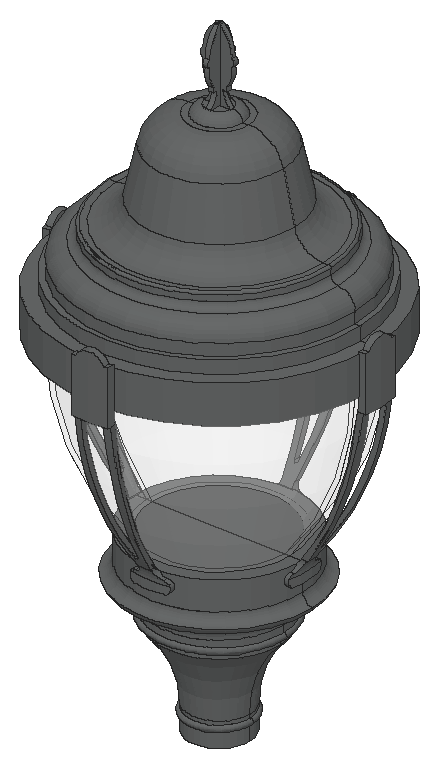
Revit family "Mediterranean", category Lighting Fixtures, host Face, Revit 2012
Parameters (values of type "Basic Black Textured")
  Voltage = 120 V
  URL = "http://www.beaconproducts.com/"
  Total Input Wattage = "55,80 & 110 Watts"  # constant formula
  Product Page URL = "http://www.beaconproducts.com/products/mediterranean"
  Product Documentation Link = "http://www.beaconproducts.com/content/products/specs/specs_files/Mediterranean_LED_spec_sheet.pdf"
  Photometrics Web [instance] = Web : T1-PC-C1-H1-24NB-55-DIR5
  Model = "Mediterranean"  # constant formula
  Manufacturer Phone = "800-345-4928"  # constant formula
  Manufacturer Fax = "941-751-5535"  # constant formula
  Manufacturer = "Beacon Lighting"  # constant formula
  Lamp = "LED Array"  # constant formula
  Glass = Hubbell - Glass
  Product Material = Paint - Hubbell - Basic Black Textured
  Description = "Village Collection"  # constant formula
  Default Elevation = 48.00"
  Apparent Load = 0 VA
Types (12): name | Photometrics Web | Product Material
  Basic Black Textured | Web : T1-PC-C1-H1-24NB-55-DIR5 | Paint - Hubbell - Basic Black Textured
  Black Matte Textured | Web : T1-PC-C1-H1-24NB-55-DIR3 | Paint - Hubbell - Black Matte Textured
  Bronze Textured | Web : T1-PC-C1-H1-24NB-55-DIR3 | Paint - Hubbell - Bronze Textured
  Dark Bronze Textured | Web : T1-PC-C1-H1-24NB-55-DIR3 | Paint - Hubbell - Dark Bronze Textured
  Dark Platinum Smooth | Web : T1-PC-C1-H1-24NB-55-DIR3 | Paint - Hubbell - Dark Platinum Smooth
  Gray Smooth | Web : T1-PC-C1-H1-24NB-55-DIR3 | Paint - Hubbell - Gray Smooth
  Green Textured | Web : T1-PC-C1-H1-24NB-55-DIR3 | Paint - Hubbell - Green Textured
  Metallic Bronze Textured | Web : T1-PC-C1-H1-24NB-55-DIR3 | Paint - Hubbell - Metallic Bronze Textured
  Metallic Silver Textured | Web : T1-PC-C1-H1-24NB-55-DIR3 | Paint - Hubbell - Metallic Silver Textured
  Metallic Titanium Textured | Web : T1-PC-C1-H1-24NB-55-DIR3 | Paint - Hubbell - Metallic Titanium Textured
  Old World Iron | Web : T1-PC-C1-H1-24NB-55-DIR3 | Paint - Hubbell - Old World Iron
  White Texture | Web : T1-PC-C1-H1-24NB-55-DIR3 | Paint - Hubbell - White Texture
Reference planes (in)
  plane 1 "Center (Front/Back)": y = 0
  plane 2: z = 0
  plane 3 "Center (Left/Right)": x = 0
  plane 4: z = 36
  plane 5: x = -9.21875
  plane 6: x = 9.21875
  plane 7: y = -9.21875
  plane 8: y = 9.21875
  plane 9: z = 18.5
Forms (in)
  Revolve 1, solid, material "Paint - Hubbell - Basic Black Textured" <- "Product Material"
    sketch origin (0, 0, -1.5) x (1, 0, 0) y (0, 0, 1)
      loop
        line (8.85151, 21.90086) -> (8.85151, 24.08836) -> (8.04523, 24.08836) -> (8.04523, 24.81931) -> (7.719, 24.81931) -> (7.719, 25.45511)
        arc (7.719, 25.45511) -> (7.43329, 26.14487) -> (6.74353, 26.43058) r 0.97547
        arc (6.74353, 26.43058) -> (6.46464, 26.5461) -> (6.34912, 26.825) r 0.39442
        line (6.34912, 26.825) -> (6.34912, 27.16084)
        arc (6.34912, 27.16084) -> (6.31132, 27.2521) -> (6.22006, 27.2899) r 0.12905
        line (6.22006, 27.2899) -> (5.87333, 27.2899)
        arc (5.87333, 27.2899) -> (4.85887, 27.64416) -> (4.28548, 28.55293) r 1.62962
        line (4.28548, 28.55293) -> (3.65398, 31.28826)
        arc (3.65398, 31.28826) -> (2.95027, 32.40358) -> (1.70524, 32.83836) r 2
        line (1.70524, 32.83836) -> (1.34375, 32.83836)
        arc (1.34375, 32.83836) -> (1.12624, 33.18422) -> (0.74787, 33.33836) r 0.66701
        line (0.74787, 33.33836) -> (0, 33.33836) -> (0, 21.90086) -> (8.85151, 21.90086)
      axis (0, 33.33836) -> (0, 21.90086)
    angle from 0 to 360
  Revolve 2, solid, material "Hubbell - Glass" <- "Glass"
    sketch origin (0, 0, 3.25) x (1, 0, 0) y (0, 0, 1)
      loop
        line (3.76507, 7) -> (4.09375, 7)
        arc (4.09375, 7) -> (6.84633, 11.74804) -> (7.81071, 17.15086) r 15.81709
        line (7.81071, 17.15086) -> (7.56071, 17.15086)
        arc (7.56071, 17.15086) -> (6.57474, 11.73447) -> (3.76507, 7) r 15.56709
      axis (0, 17.15086) -> (0, 7)
    angle from 0 to 360
  Revolve 3, solid, material "Paint - Hubbell - Basic Black Textured" <- "Product Material"
    sketch origin (0, 0, 0) x (1, 0, 0) y (0, 0, 1)
      loop
        line (0, 0) -> (1.75, 0) -> (1.75, 0.85054)
        arc (1.75, 0.85054) -> (1.9156, 1.01615) -> (1.75, 1.18175) r 0.1656
        line (1.75, 1.18175) -> (1.75, 1.39265)
        arc (1.75, 1.39265) -> (2.20652, 3.63652) -> (3.5035, 5.52363) r 5.74275
        line (3.5035, 5.52363) -> (3.5035, 5.85484) -> (3.65263, 5.85484)
        arc (3.65263, 5.85484) -> (3.82367, 6.02588) -> (3.65263, 6.19692) r 0.17104
        line (3.65263, 6.19692) -> (3.65263, 6.57864)
        arc (3.65263, 6.57864) -> (3.79263, 7.02266) -> (4.162, 7.30609) r 0.77413
        line (4.162, 7.30609) -> (4.162, 7.55609) -> (4.75, 7.55609)
        arc (4.75, 7.55609) -> (5.1064, 7.72431) -> (5.33395, 8.04608) r 0.77484
        arc (5.33395, 8.04608) -> (4.92103, 8.21711) -> (4.75, 8.63003) r 0.58395
        line (4.75, 8.63003) -> (4.75, 10.25) -> (0, 10.25) -> (0, 0)
      axis (0, 10.25) -> (0, 0)
    angle from 0 to 360
  Revolve 4, solid, material "Paint - Hubbell - Basic Black Textured" <- "Product Material"
    sketch origin (0, 0, -2) x (0, 1, 0) y (0, 0, -1)
      loop
        line (-4.75, -11.04345) -> (-5, -11.04345) -> (-5, -11.77958)
        arc (-5, -11.77958) -> (-5.05957, -12.13356) -> (-5.23172, -12.44853) r 1.08144
        arc (-5.23172, -12.44853) -> (-7.77106, -16.78779) -> (-9.03708, -21.65344) r 18.34582
        line (-9.03708, -21.65344) -> (-9.22, -21.65344) -> (-9.22, -25.33021) -> (-8.85151, -25.33021) -> (-8.85151, -22.30978)
        arc (-8.85151, -22.30978) -> (-7.57349, -16.96483) -> (-4.75, -12.25) r 18.09582
        line (-4.75, -12.25) -> (-4.75, -11.04345)
      axis (0, -25.33021) -> (0, -11.04345)
    angle from -40 to 40
  Extrusion 5, void
    sketch origin (0, -4.1, 25.58567) x (0, 0, 1) y (1, 0, 0)
      loop
        arc (-15.03754, -0.35399) -> (-10.50057, -0.90383) -> (-5.93224, -1.03328) r 49.54577
        line (-5.93224, -1.03328) -> (-2.83186, -1.03328) -> (-2.83186, -0.78328)
        arc (-2.83186, -0.78328) -> (-2.31832, 0) -> (-2.83186, 0.78328) r 0.85412
        line (-2.83186, 0.78328) -> (-2.83186, 1.03328) -> (-5.93224, 1.03328)
        arc (-5.93224, 1.03328) -> (-10.50057, 0.90383) -> (-15.03754, 0.35399) r 49.54577
        arc (-15.03754, 0.35399) -> (-15.41249, 0.45273) -> (-15.5863, 0.79932) r 0.47098
        arc (-15.5863, 0.79932) -> (-15.93356, 1.14658) -> (-16.28082, 0.79932) r 0.34726
        line (-16.28082, 0.79932) -> (-16.28082, -0.79932)
        arc (-16.28082, -0.79932) -> (-15.93356, -1.14658) -> (-15.5863, -0.79932) r 0.34726
        arc (-15.5863, -0.79932) -> (-15.41249, -0.45273) -> (-15.03754, -0.35399) r 0.47098
      loop
        arc (-5.93224, 0.62342) -> (-10.14217, 0.55608) -> (-14.33089, 0.12864) r 49.14577
        arc (-14.33089, 0.12864) -> (-14.44217, 0) -> (-14.33089, -0.12864) r 0.13
        arc (-14.33089, -0.12864) -> (-10.14217, -0.55608) -> (-5.93224, -0.62342) r 49.14577
        line (-5.93224, -0.62342) -> (-5.93224, 0.62342)
      loop
        line (-1.82895, -6.11986) -> (-1.82895, 6.38014) -> (-16.57895, 6.38014) -> (-16.57895, -6.11986) -> (-1.82895, -6.11986)
    from -6.86274 to 14.6
  Revolve 6, solid, material "Paint - Hubbell - Basic Black Textured" <- "Product Material"
    sketch origin (0, 0, -2) x (0, -1, 0) y (0, 0, 1)
      loop
        line (-4.75, 11.04345) -> (-4.75, 12.25)
        arc (-4.75, 12.25) -> (-7.57349, 16.96483) -> (-8.85151, 22.30978) r 18.09582
        line (-8.85151, 22.30978) -> (-8.85151, 25.33021) -> (-9.22, 25.33021) -> (-9.22, 21.65344) -> (-9.03708, 21.65344)
        arc (-9.03708, 21.65344) -> (-7.77106, 16.78779) -> (-5.23172, 12.44853) r 18.34582
        arc (-5.23172, 12.44853) -> (-5.05957, 12.13356) -> (-5, 11.77958) r 1.08144
        line (-5, 11.77958) -> (-5, 11.04345) -> (-4.75, 11.04345)
      axis (0, 25.33021) -> (0, 11.04345)
    angle from -40 to 40
  Revolve 7, solid, material "Paint - Hubbell - Basic Black Textured" <- "Product Material"
    sketch origin (0, 0, -2) x (-1, 0, 0) y (0, 0, -1)
      loop
        line (-4.75, -11.04345) -> (-5, -11.04345) -> (-5, -11.77958)
        arc (-5, -11.77958) -> (-5.05957, -12.13356) -> (-5.23172, -12.44853) r 1.08144
        arc (-5.23172, -12.44853) -> (-7.77106, -16.78779) -> (-9.03708, -21.65344) r 18.34582
        line (-9.03708, -21.65344) -> (-9.22, -21.65344) -> (-9.22, -25.33021) -> (-8.85151, -25.33021) -> (-8.85151, -22.30978)
        arc (-8.85151, -22.30978) -> (-7.57349, -16.96483) -> (-4.75, -12.25) r 18.09582
        line (-4.75, -12.25) -> (-4.75, -11.04345)
      axis (0, -25.33021) -> (0, -11.04345)
    angle from -40 to 40
  Revolve 8, solid, material "Paint - Hubbell - Basic Black Textured" <- "Product Material"
    sketch origin (0, 0, -2) x (1, 0, 0) y (0, 0, 1)
      loop
        line (-4.75, 11.04345) -> (-4.75, 12.25)
        arc (-4.75, 12.25) -> (-7.57349, 16.96483) -> (-8.85151, 22.30978) r 18.09582
        line (-8.85151, 22.30978) -> (-8.85151, 25.33021) -> (-9.22, 25.33021) -> (-9.22, 21.65344) -> (-9.03708, 21.65344)
        arc (-9.03708, 21.65344) -> (-7.77106, 16.78779) -> (-5.23172, 12.44853) r 18.34582
        arc (-5.23172, 12.44853) -> (-5.05957, 12.13356) -> (-5, 11.77958) r 1.08144
        line (-5, 11.77958) -> (-5, 11.04345) -> (-4.75, 11.04345)
      axis (0, 25.33021) -> (0, 11.04345)
    angle from -40 to 40
  Extrusion 9, void
    sketch origin (4.1, 0, 25.58567) x (0, 0, 1) y (0, 1, 0)
      loop
        arc (-15.03754, -0.35399) -> (-10.50057, -0.90383) -> (-5.93224, -1.03328) r 49.54577
        line (-5.93224, -1.03328) -> (-2.83186, -1.03328) -> (-2.83186, -0.78328)
        arc (-2.83186, -0.78328) -> (-2.31832, 0) -> (-2.83186, 0.78328) r 0.85412
        line (-2.83186, 0.78328) -> (-2.83186, 1.03328) -> (-5.93224, 1.03328)
        arc (-5.93224, 1.03328) -> (-10.50057, 0.90383) -> (-15.03754, 0.35399) r 49.54577
        arc (-15.03754, 0.35399) -> (-15.41249, 0.45273) -> (-15.5863, 0.79932) r 0.47098
        arc (-15.5863, 0.79932) -> (-15.93356, 1.14658) -> (-16.28082, 0.79932) r 0.34726
        line (-16.28082, 0.79932) -> (-16.28082, -0.79932)
        arc (-16.28082, -0.79932) -> (-15.93356, -1.14658) -> (-15.5863, -0.79932) r 0.34726
        arc (-15.5863, -0.79932) -> (-15.41249, -0.45273) -> (-15.03754, -0.35399) r 0.47098
      loop
        arc (-5.93224, 0.62342) -> (-10.14217, 0.55608) -> (-14.33089, 0.12864) r 49.14577
        arc (-14.33089, 0.12864) -> (-14.44217, 0) -> (-14.33089, -0.12864) r 0.13
        arc (-14.33089, -0.12864) -> (-10.14217, -0.55608) -> (-5.93224, -0.62342) r 49.14577
        line (-5.93224, -0.62342) -> (-5.93224, 0.62342)
      loop
        line (-1.82895, -6.11986) -> (-1.82895, 6.38014) -> (-16.57895, 6.38014) -> (-16.57895, -6.11986) -> (-1.82895, -6.11986)
    from -6.86274 to 14.6
  Extrusion 10, solid, material "Paint - Hubbell - Basic Black Textured" <- "Product Material"
    sketch origin (0, 0, 0) x (1, 0, 0) y (0, 0, 1)
      loop
        arc (-0.33706, 32.67868) -> (-0.44879, 32.21273) -> (-0.74787, 31.83836) r 1.10102
        line (-0.74787, 31.83836) -> (0.74787, 31.83836)
        arc (0.74787, 31.83836) -> (0.44879, 32.21273) -> (0.33706, 32.67868) r 1.10102
        line (0.33706, 32.67868) -> (0.55681, 32.67868) -> (0.55681, 32.92868)
        arc (0.55681, 32.92868) -> (0.81187, 33.44324) -> (0.80819, 34.01752) r 1.24209
        arc (0.80819, 34.01752) -> (0.95751, 34.23753) -> (0.81066, 34.45919) r 0.23871
        arc (0.81066, 34.45919) -> (0.63251, 35.2627) -> (0.15439, 35.9326) r 2.06281
        arc (0.15439, 35.9326) -> (0, 35.99338) -> (-0.15439, 35.9326) r 0.22648
        arc (-0.15439, 35.9326) -> (-0.63251, 35.2627) -> (-0.81066, 34.45919) r 2.06281
        arc (-0.81066, 34.45919) -> (-0.95751, 34.23753) -> (-0.80819, 34.01752) r 0.23871
        arc (-0.80819, 34.01752) -> (-0.81187, 33.44324) -> (-0.55681, 32.92868) r 1.24209
        line (-0.55681, 32.92868) -> (-0.55681, 32.67868) -> (-0.33706, 32.67868)
    from -0.13 to 0.13
  Extrusion 11, solid, material "Paint - Hubbell - Basic Black Textured" <- "Product Material"
    sketch origin (0, 0, 0) x (0, -1, 0) y (0, 0, 1)
      loop
        arc (-0.33706, 32.67868) -> (-0.44879, 32.21273) -> (-0.74787, 31.83836) r 1.10102
        line (-0.74787, 31.83836) -> (0.74787, 31.83836)
        arc (0.74787, 31.83836) -> (0.44879, 32.21273) -> (0.33706, 32.67868) r 1.10102
        line (0.33706, 32.67868) -> (0.55681, 32.67868) -> (0.55681, 32.92868)
        arc (0.55681, 32.92868) -> (0.81187, 33.44324) -> (0.80819, 34.01752) r 1.24209
        arc (0.80819, 34.01752) -> (0.95751, 34.23753) -> (0.81066, 34.45919) r 0.23871
        arc (0.81066, 34.45919) -> (0.63251, 35.2627) -> (0.15439, 35.9326) r 2.06281
        arc (0.15439, 35.9326) -> (0, 35.99338) -> (-0.15439, 35.9326) r 0.22648
        arc (-0.15439, 35.9326) -> (-0.63251, 35.2627) -> (-0.81066, 34.45919) r 2.06281
        arc (-0.81066, 34.45919) -> (-0.95751, 34.23753) -> (-0.80819, 34.01752) r 0.23871
        arc (-0.80819, 34.01752) -> (-0.81187, 33.44324) -> (-0.55681, 32.92868) r 1.24209
        line (-0.55681, 32.92868) -> (-0.55681, 32.67868) -> (-0.33706, 32.67868)
    from -0.13 to 0.13
Cuts and joins
  Extrusion 5 cuts Revolve 4
  Extrusion 5 cuts Revolve 6
  Extrusion 9 cuts Revolve 7
  Extrusion 9 cuts Revolve 8
Dimensions and locks (in)
  locked: plane 4 to level at 36
  locked: plane 5 to plane 6 at 18.4375
  equal spacing: plane 5, plane 3 "Center (Left/Right)", plane 6  (x2)
  equal spacing: plane 8, plane 1 "Center (Front/Back)", plane 7
  locked: plane 8 to plane 7 at 18.4375
  aligned and locked: plane 2 to host face
  aligned and locked: level to host face
  aligned and locked: nested 1 to plane 3 "Center (Left/Right)"
  aligned and locked: nested 1 to plane 1 "Center (Front/Back)"
Automatic sketch dimensions
  host sketch curve to host sketch curve = 96.00"  (x2)
  Revolve 3 sketch curve to level = 0.00"
  Revolve 3 sketch curve to plane 3 "Center (Left/Right)" = 0.00"  (x2)
  plane 3 "Center (Left/Right)" to Revolve 3 sketch curve = 1.75"
  plane 3 "Center (Left/Right)" to Revolve 3 sketch curve = 3.5035"
  Revolve 3 sketch curve to Revolve 3 sketch curve = 0.14913"
  Revolve 3 sketch curve to Revolve 3 sketch curve = 0.50936"
  Revolve 3 sketch curve to Revolve 3 sketch curve = 0.26477"
  Revolve 3 sketch curve to Revolve 3 sketch curve = 0.44634"
  Revolve 3 sketch curve to Revolve 3 sketch curve = 0.14166"
  Revolve 3 sketch curve to Revolve 3 sketch curve = 0.588"
  Revolve 3 sketch curve to Revolve 3 sketch curve = 0.58395"
  Revolve 3 sketch curve to plane 6 = 1.726"
  Revolve 3 sketch curve to level = 1.75"
  Revolve 3 sketch curve to Revolve 3 sketch curve = 0.85054"
  Revolve 3 sketch curve to Revolve 3 sketch curve = 0.1656"
  Revolve 3 sketch curve to Revolve 3 sketch curve = 0.21089"
  Revolve 3 sketch curve to Revolve 3 sketch curve = 0.33121"
  Revolve 3 sketch curve to Revolve 3 sketch curve = 0.17104"
  Revolve 3 sketch curve to Revolve 3 sketch curve = 0.38171"
  Revolve 3 sketch curve to Revolve 3 sketch curve = 0.25"
  Revolve 3 sketch curve to Revolve 3 sketch curve = 0.48999"
  Revolve 3 sketch curve to Revolve 3 sketch curve = 2.69391"
  Revolve 4 sketch curve to Revolve 4 sketch curve = 0.00"  (x4)
  Revolve 4 sketch curve to plane 1 "Center (Front/Back)" = 0.00"
  plane 1 "Center (Front/Back)" to Revolve 4 sketch curve = 4.75"
  Revolve 4 sketch curve to Revolve 4 sketch curve = 0.25"
  Revolve 4 sketch curve to Revolve 4 sketch curve = 0.48172"
  Revolve 4 sketch curve to Revolve 4 sketch curve = 0.84972"
  plane 1 "Center (Front/Back)" to Revolve 4 sketch curve = 8.85151"
  Revolve 4 sketch curve to Revolve 4 sketch curve = 0.18557"
  Revolve 4 sketch curve to Revolve 4 sketch curve = 0.18292"
  Revolve 4 sketch curve to plane 1 "Center (Front/Back)" = 9.18311"
  Revolve 4 sketch curve to plane 4 = 2.72337"
  Revolve 4 sketch curve to Revolve 4 sketch curve = 0.73613"
  level to Revolve 4 sketch curve = 4.77663"
  Extrusion 5 sketch curve to plane 3 "Center (Left/Right)" = 0.00"  (x2)
  plane 5 to Extrusion 5 sketch curve = 3.09889"
  Extrusion 5 sketch curve to level = 9.00672"
  Extrusion 5 sketch curve to plane 3 "Center (Left/Right)" = 0.79932"
  Extrusion 5 sketch curve to Extrusion 5 sketch curve = 0.29813"
  Extrusion 5 sketch curve to Extrusion 5 sketch curve = 0.34726"  (x2)
  Extrusion 5 sketch curve to Extrusion 5 sketch curve = 0.47059"  (x2)
  plane 3 "Center (Left/Right)" to Extrusion 5 sketch curve = 0.35399"
  Extrusion 5 sketch curve to Extrusion 5 sketch curve = 0.07817"  (x2)
  Extrusion 5 sketch curve to Extrusion 5 sketch curve = 0.00"  (x7)
  Extrusion 5 sketch curve to plane 3 "Center (Left/Right)" = 0.35399"
  plane 3 "Center (Left/Right)" to Extrusion 5 sketch curve = 0.12864"
  Extrusion 5 sketch curve to Extrusion 5 sketch curve = 0.70665"
  Extrusion 5 sketch curve to plane 3 "Center (Left/Right)" = 0.12864"
  Extrusion 5 sketch curve to Extrusion 5 sketch curve = 0.01873"
  Extrusion 5 sketch curve to Extrusion 5 sketch curve = 0.4375"  (x2)
  plane 3 "Center (Left/Right)" to Extrusion 5 sketch curve = 0.62342"
  Extrusion 5 sketch curve to Extrusion 5 sketch curve = 0.34058"  (x2)
  plane 6 to Extrusion 5 sketch curve = 2.83861"
  Extrusion 5 sketch curve to Extrusion 5 sketch curve = 0.25"
  Revolve 6 sketch curve to Revolve 6 sketch curve = 0.00"  (x4)
  Revolve 6 sketch curve to plane 1 "Center (Front/Back)" = 0.00"
  Revolve 6 sketch curve to plane 1 "Center (Front/Back)" = 4.75"
  Revolve 6 sketch curve to Revolve 6 sketch curve = 0.25"
  Revolve 6 sketch curve to Revolve 6 sketch curve = 0.48172"
  Revolve 6 sketch curve to Revolve 6 sketch curve = 0.84972"
  Revolve 6 sketch curve to plane 1 "Center (Front/Back)" = 8.85151"
  Revolve 6 sketch curve to Revolve 6 sketch curve = 0.18557"
  Revolve 6 sketch curve to Revolve 6 sketch curve = 0.18292"
  plane 1 "Center (Front/Back)" to Revolve 6 sketch curve = 9.18311"
  Revolve 6 sketch curve to Revolve 6 sketch curve = 0.73613"
  level to Revolve 6 sketch curve = 4.77663"
  Revolve 6 sketch curve to plane 4 = 2.72337"
  Revolve 7 sketch curve to Revolve 7 sketch curve = 0.00"  (x4)
  Revolve 7 sketch curve to plane 3 "Center (Left/Right)" = 0.00"
  Revolve 7 sketch curve to plane 6 = 4.46875"
  Revolve 7 sketch curve to Revolve 7 sketch curve = 0.25"
  Revolve 7 sketch curve to Revolve 7 sketch curve = 0.48172"
  Revolve 7 sketch curve to Revolve 7 sketch curve = 0.84972"
  Revolve 7 sketch curve to plane 6 = 0.36724"
  Revolve 7 sketch curve to plane 6 = 0.18167"
  plane 6 to Revolve 7 sketch curve = 0.00125"
  Revolve 7 sketch curve to plane 5 = 0.03564"
  Revolve 7 sketch curve to plane 4 = 2.72337"
  Revolve 7 sketch curve to Revolve 7 sketch curve = 0.65634"
  Revolve 7 sketch curve to Revolve 7 sketch curve = 0.73613"
  level to Revolve 7 sketch curve = 4.77663"
  Revolve 8 sketch curve to Revolve 8 sketch curve = 0.00"  (x3)
  Revolve 8 sketch curve to plane 3 "Center (Left/Right)" = 0.00"
  Revolve 8 sketch curve to plane 5 = 4.46875"
  Revolve 8 sketch curve to Revolve 8 sketch curve = 0.25"
  Revolve 8 sketch curve to Revolve 8 sketch curve = 0.48172"
  Revolve 8 sketch curve to Revolve 8 sketch curve = 0.84972"
  Revolve 8 sketch curve to plane 5 = 0.36724"
  Revolve 8 sketch curve to plane 5 = 0.18167"
  plane 5 to Revolve 8 sketch curve = 0.00125"
  Revolve 8 sketch curve to plane 6 = 0.03564"
  level to Revolve 8 sketch curve = 4.77663"
  Revolve 8 sketch curve to Revolve 8 sketch curve = 4.26683"
  Revolve 8 sketch curve to Revolve 8 sketch curve = 0.73613"
  Revolve 8 sketch curve to Revolve 8 sketch curve = 0.19853"
  Revolve 8 sketch curve to plane 4 = 2.72337"
  Extrusion 9 sketch curve to plane 1 "Center (Front/Back)" = 0.00"  (x2)
  Extrusion 9 sketch curve to plane 7 = 3.09889"
  level to Extrusion 9 sketch curve = 9.00672"
  Extrusion 9 sketch curve to plane 1 "Center (Front/Back)" = 0.79932"
  Extrusion 9 sketch curve to Extrusion 9 sketch curve = 0.29813"
  Extrusion 9 sketch curve to Extrusion 9 sketch curve = 0.34726"  (x2)
  Extrusion 9 sketch curve to Extrusion 9 sketch curve = 0.47059"  (x2)
  plane 1 "Center (Front/Back)" to Extrusion 9 sketch curve = 0.35399"
  Extrusion 9 sketch curve to Extrusion 9 sketch curve = 0.07817"  (x2)
  Extrusion 9 sketch curve to Extrusion 9 sketch curve = 0.00"  (x6)
  Extrusion 9 sketch curve to plane 1 "Center (Front/Back)" = 0.35399"
  plane 1 "Center (Front/Back)" to Extrusion 9 sketch curve = 0.12864"
  Extrusion 9 sketch curve to Extrusion 9 sketch curve = 0.70665"
  Extrusion 9 sketch curve to plane 1 "Center (Front/Back)" = 0.12864"
  Extrusion 9 sketch curve to Extrusion 9 sketch curve = 0.01873"
  Extrusion 9 sketch curve to Extrusion 9 sketch curve = 0.4375"  (x2)
  plane 1 "Center (Front/Back)" to Extrusion 9 sketch curve = 0.62342"
  Extrusion 9 sketch curve to Extrusion 9 sketch curve = 0.34058"  (x2)
  plane 1 "Center (Front/Back)" to Extrusion 9 sketch curve = 1.03328"
  Extrusion 9 sketch curve to Extrusion 9 sketch curve = 0.25"
  Extrusion 9 sketch curve to plane 8 = 2.83861"
  Revolve 1 sketch curve to plane 3 "Center (Left/Right)" = 0.00"  (x2)
  plane 3 "Center (Left/Right)" to Revolve 1 sketch curve = 0.6975"
  plane 3 "Center (Left/Right)" to Revolve 1 sketch curve = 0.74787"
  Revolve 1 sketch curve to Revolve 1 sketch curve = 0.64625"
  plane 3 "Center (Left/Right)" to Revolve 1 sketch curve = 1.70524"
  Revolve 1 sketch curve to Revolve 1 sketch curve = 1.94874"
  Revolve 1 sketch curve to Revolve 1 sketch curve = 0.6315"
  Revolve 1 sketch curve to Revolve 1 sketch curve = 1.58785"
  Revolve 1 sketch curve to Revolve 1 sketch curve = 0.34673"
  Revolve 1 sketch curve to Revolve 1 sketch curve = 0.12905"
  Revolve 1 sketch curve to Revolve 1 sketch curve = 0.39442"
  Revolve 1 sketch curve to Revolve 1 sketch curve = 0.97547"
  Revolve 1 sketch curve to Revolve 1 sketch curve = 0.32623"
  Revolve 1 sketch curve to plane 6 = 0.36724"
  Revolve 1 sketch curve to Revolve 1 sketch curve = 0.33585"
  Revolve 1 sketch curve to Revolve 1 sketch curve = 0.00"
  Revolve 1 sketch curve to Revolve 1 sketch curve = 0.63581"
  Revolve 1 sketch curve to Revolve 1 sketch curve = 0.73094"
  Revolve 1 sketch curve to Revolve 1 sketch curve = 2.1875"
  Revolve 1 sketch curve to Revolve 1 sketch curve = 9.65086"
  Revolve 1 sketch curve to Revolve 1 sketch curve = 1.26303"
  Revolve 1 sketch curve to Revolve 1 sketch curve = 2.28543"
  Revolve 1 sketch curve to Revolve 1 sketch curve = 0.4499"
  Revolve 1 sketch curve to Revolve 1 sketch curve = 0.16511"
  plane 4 to Revolve 1 sketch curve = 1.00"
  Extrusion 10 sketch curve to plane 3 "Center (Left/Right)" = 0.00"
  Extrusion 10 sketch curve to plane 4 = 0.0674"  (x2)
  Extrusion 10 sketch curve to plane 3 "Center (Left/Right)" = 0.15439"
  Extrusion 10 sketch curve to Extrusion 10 sketch curve = 0.00"
  Extrusion 10 sketch curve to plane 3 "Center (Left/Right)" = 0.33706"
  Extrusion 10 sketch curve to plane 3 "Center (Left/Right)" = 0.39838"
  Extrusion 10 sketch curve to Extrusion 10 sketch curve = 0.21976"  (x2)
  Extrusion 10 sketch curve to Extrusion 10 sketch curve = 0.32042"  (x2)
  Extrusion 10 sketch curve to plane 3 "Center (Left/Right)" = 0.74787"
  Extrusion 10 sketch curve to Extrusion 10 sketch curve = 0.08939"  (x2)
  Extrusion 10 sketch curve to Extrusion 10 sketch curve = 0.09186"  (x2)
  Extrusion 10 sketch curve to Extrusion 10 sketch curve = 0.44117"  (x2)
  Extrusion 10 sketch curve to Extrusion 10 sketch curve = 0.88112"  (x2)
  plane 3 "Center (Left/Right)" to Extrusion 10 sketch curve = 0.15439"
  plane 3 "Center (Left/Right)" to Extrusion 10 sketch curve = 0.33706"
  plane 3 "Center (Left/Right)" to Extrusion 10 sketch curve = 0.39838"
  plane 3 "Center (Left/Right)" to Extrusion 10 sketch curve = 0.74787"
  Extrusion 10 sketch curve to Extrusion 10 sketch curve = 0.1657"
  Extrusion 10 sketch curve to Extrusion 10 sketch curve = 0.22032"  (x2)
  Extrusion 10 sketch curve to Extrusion 10 sketch curve = 0.29488"  (x2)
  Extrusion 10 sketch curve to Extrusion 10 sketch curve = 0.23238"  (x2)
  Extrusion 10 sketch curve to Extrusion 10 sketch curve = 0.25"
  Extrusion 11 sketch curve to plane 1 "Center (Front/Back)" = 0.00"
  Extrusion 11 sketch curve to plane 4 = 0.0674"  (x2)
  Extrusion 11 sketch curve to plane 1 "Center (Front/Back)" = 0.15439"
  Extrusion 11 sketch curve to Extrusion 11 sketch curve = 0.00"
  Extrusion 11 sketch curve to plane 1 "Center (Front/Back)" = 0.33706"
  Extrusion 11 sketch curve to plane 1 "Center (Front/Back)" = 0.39838"
  Extrusion 11 sketch curve to Extrusion 11 sketch curve = 0.21976"  (x2)
  Extrusion 11 sketch curve to Extrusion 11 sketch curve = 0.32042"  (x2)
  Extrusion 11 sketch curve to plane 1 "Center (Front/Back)" = 0.74787"
  Extrusion 11 sketch curve to Extrusion 11 sketch curve = 0.08939"  (x2)
  Extrusion 11 sketch curve to Extrusion 11 sketch curve = 0.09186"  (x2)
  Extrusion 11 sketch curve to Extrusion 11 sketch curve = 0.44117"  (x2)
  Extrusion 11 sketch curve to Extrusion 11 sketch curve = 0.88112"  (x2)
  plane 1 "Center (Front/Back)" to Extrusion 11 sketch curve = 0.15439"
  plane 1 "Center (Front/Back)" to Extrusion 11 sketch curve = 0.33706"
  plane 1 "Center (Front/Back)" to Extrusion 11 sketch curve = 0.39838"
  plane 1 "Center (Front/Back)" to Extrusion 11 sketch curve = 0.74787"
  Extrusion 11 sketch curve to Extrusion 11 sketch curve = 0.1657"
  Extrusion 11 sketch curve to Extrusion 11 sketch curve = 0.22032"  (x2)
  Extrusion 11 sketch curve to Extrusion 11 sketch curve = 0.29488"  (x2)
  Extrusion 11 sketch curve to Extrusion 11 sketch curve = 0.23238"  (x2)
  Extrusion 11 sketch curve to Extrusion 11 sketch curve = 0.25"
  Revolve 2 sketch curve to plane 3 "Center (Left/Right)" = 0.00"
  Revolve 2 sketch curve to plane 5 = 1.21242"
  plane 3 "Center (Left/Right)" to Revolve 2 sketch curve = 3.76507"
  Revolve 2 sketch curve to plane 6 = 1.65804"
  Revolve 2 sketch curve to Revolve 2 sketch curve = 0.1392"
  Revolve 2 sketch curve to plane 4 = 4.84914"
  Revolve 2 sketch curve to Revolve 2 sketch curve = 0.32868"
  Revolve 2 sketch curve to Revolve 2 sketch curve = 0.00"  (x3)
  Revolve 1 sketch curve to plane 4 = 4.16164"
  plane 9 to Revolve 2 sketch curve = 1.93667"
  plane 9 to Revolve 2 sketch curve = 1.90086"
  plane 9 to Revolve 3 sketch curve = 0.75"
  plane 9 to Revolve 4 sketch curve = 4.83021"
  plane 9 to Revolve 4 sketch curve = 3.29674"
  Revolve 4 sketch curve to Revolve 4 sketch curve = 0.65634"
  plane 9 to Extrusion 5 sketch curve = 0.1663"  (x2)
  Extrusion 5 sketch curve to Extrusion 5 sketch curve = 2.75979"
  Extrusion 5 sketch curve to Extrusion 5 sketch curve = 1.00291"
  Revolve 6 sketch curve to Revolve 6 sketch curve = 4.26683"
  Revolve 6 sketch curve to Revolve 6 sketch curve = 0.19853"
  Revolve 6 sketch curve to Revolve 6 sketch curve = 3.02043"
  plane 9 to Revolve 7 sketch curve = 4.83021"
  plane 9 to Revolve 7 sketch curve = 3.29674"
  Revolve 8 sketch curve to Revolve 8 sketch curve = 3.02043"
  Extrusion 9 sketch curve to plane 9 = 0.1663"  (x2)
  Extrusion 9 sketch curve to Extrusion 9 sketch curve = 2.75979"
  Extrusion 9 sketch curve to Extrusion 9 sketch curve = 1.00291"
Nested families (in)
  nested 1: "Web" at (0, 0, 18.5) x (1, 0, 0) z (0, 0, -1), type <- "Photometrics Web", type "T1-PC-C1-H1-24NB-55-DIR5"
Connectors (in)
  electrical at (0, 0, 0), driven by "Voltage", driven by "Description"
    settings: on Revolve 3, index 1, voltage 120 V, apparent load 0 VA, apparent load phase1 0 VA, apparent load phase2 0 VA, apparent load phase3 0 VA, power factor 1, load classification "Other", number of poles 1, system type 30, power factor state 1, is connector primary yes, connector utility no, sub classification motor no, connector description "Village Collection"
Definition of nested family "Web"
  Parameters (values of type "T1-PC-C1-H1-24NB-55-DIR3")
    Wattage = 55 W
    built-in parameter 1150110 = 1 (stored number, unit not read)
    URL = ""
    built-in parameter 1114217 = 1 (stored number, unit not read)
    Tilt Angle = -90.00°
    built-in parameter 1150109 = 1 (stored number, unit not read)
    built-in parameter 1150134 = 3
    built-in parameter 1150113 = 1 (stored number, unit not read)
    Product Page URL = ""
    Product Documentation Link = ""
    Photometric Web File = "T1-PC-C1-H1-24NB-55-DIR3.ies"
    Model = ""  # constant formula
    Manufacturer Phone = ""  # constant formula
    Manufacturer Fax = ""  # constant formula
    Manufacturer = ""  # constant formula
    built-in parameter 1150105 = 650.13 (stored number, unit not read)
    Lumens = 8169.81 lm
    built-in parameter 1150115 = 1 (stored number, unit not read)
    built-in parameter 1150137 = (empty or 0)
    built-in parameter 1150139 = (empty or 0)
    built-in parameter 1150112 = 1 (stored number, unit not read)
    built-in parameter 1150114 = 1 (stored number, unit not read)
    built-in parameter 1150132 = (empty or 0)
    built-in parameter 1150102 = (empty or 0)
    built-in parameter 1150107 = 3200 (stored number, unit not read)
    built-in parameter 1150138 = (empty or 0)
    built-in parameter 1150106 = 6.5013 (stored number, unit not read)
    built-in parameter 1150104 = 13.8 (stored number, unit not read)
    Dimming Lamp Color Temperature Shift = (empty or 0)
    Description = ""  # constant formula
    Default Elevation = 48.00"
    Color Filter = 16777215
    built-in parameter 1114218 = 1 (stored number, unit not read)
    built-in parameter 1150133 = 10 (stored number, unit not read)
    Apparent Load = 0 VA
  Types (6): name | Photometric Web File
    T1-PC-C1-H1-24NB-55-DIR3 | "T1-PC-C1-H1-24NB-55-DIR3.ies"
    T1-PC-C1-H1-24NB-55-DIR4 | "T1-PC-C1-H1-24NB-55-DIR4.ies"
    T1-PC-C1-H1-24NB-55-DIR5 | "T1-PC-C1-H1-24NB-55-DIR5.ies"
    T1-PC-C1-H1-36NB-90-DIR3 | "T1-PC-C1-H1-36NB-90-DIR3.ies"
    T1-PC-C1-H1-36NB-90-DIR4 | "T1-PC-C1-H1-36NB-90-DIR4.ies"
    T1-PC-C1-H1-36NB-90-DIR5 | "T1-PC-C1-H1-36NB-90-DIR5.ies"
  Reference planes (in)
    plane 1 "Center (Front/Back)": y = 0
    plane 2: z = 0
    plane 3 "Center (Left/Right)": x = 0
  Forms (in)
    Extrusion 1, solid
      sketch origin (0, 0, 0) x (1, 0, 0) y (0, 1, 0)
        loop
          line (-48, 48) -> (-48, -48) -> (48, -48) -> (48, 48) -> (-48, 48)
      from 0 to -12
  Lines and regions (in)
    reference lines
      curve 1: line (0, 0, 0.25) -> (0, 0, 35.25)
  Dimensions and locks (in)
    aligned and locked: plane 2 to Extrusion 1
    aligned and locked: level to Extrusion 1
